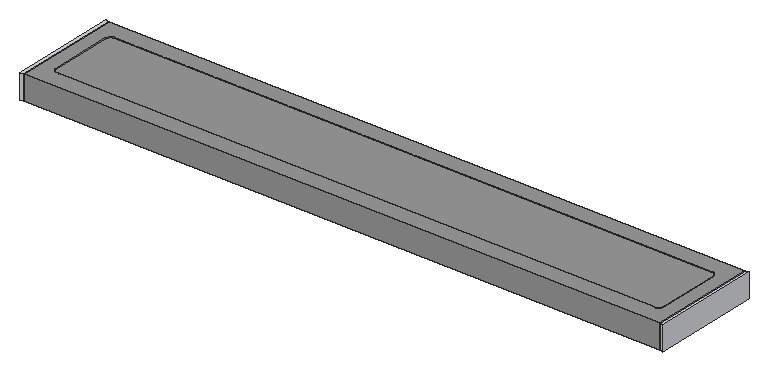
Revit family "0044072 Sylvania Lighting Fixture OPTIX S 1200 MPO DI HO 4000K EM WHITE", category Lighting Fixtures, host Face, Revit 2016
Family settings
  Host = Face
  Part Type = Normal
  Round Connector Dimension = Use Diameter
  OmniClass Number = 23.80.70.00
  OmniClass Title = Lighting
  Cut with Voids When Loaded = No
  Light Source = Yes
  Shared = No
  Room Calculation Point = No
Parameters (values of type "0044072 OPTIX S 1200 MPO D/I HO 4K EM WHITE")
  spacer height = 5 mm
  spacer centres = 1000 mm
  lens width = 1135 mm
  full length = 1200 mm
  Width = 200 mm
  Weight = "n/a"
  Wattage Comments = ""
  Wattage = 9.2903 W
  WarrantyStartDate [instance] = "n/a"
  WarrantyGuarantorParts = "n/a"
  WarrantyDurationUnit = "n/a"
  WarrantyDurationParts = ""
  WarrantyDescription = "http://www.sylvania-lighting.com"
  built-in parameter 1150110 = 1 (stored number, unit not read)
  Voltage = 0 V
  URL = "0.95"
  TypeName = "OPTIX S 1200 MPO D/I HO 4000K EM WHITE"
  Type Image = <None>
  Type Comments = "n/a"
  built-in parameter 1114217 = 1 (stored number, unit not read)
  Tilt Angle = 90.00°
  built-in parameter 1150109 = 1 (stored number, unit not read)
  built-in parameter 1150134 = 3
  built-in parameter 1150113 = 1 (stored number, unit not read)
  SerialNumber [instance] = "n/a"
  Photometric Web File = "0044072.ies"
  Material_3_FEILO = none
  PowerFactor = 0
  PowerConsumption = "Lighting"
  NominalLength = 200 mm
  NominalHeight = 0 mm
  NominalDepth = 0 mm
  Name = "OPTIX S 1200 MPO D/I HO 4000K EM WHITE"
  ModelReference = Name  # "OPTIX S 1200 MPO D/I HO 4000K EM WHITE"
  ModelNumber = "0044072"
  Model = Name  # "OPTIX S 1200 MPO D/I HO 4000K EM WHITE"
  Material = "Feilo Sylvania"
  ManufacturerName = "122 lm/W"
  Manufacturer = ""
  LuminousEfficacy = ""
  built-in parameter 1150105 = 109.82 (stored number, unit not read)
  Lumens = 1380 lm
  LuminaireType = "0"
  built-in parameter 1150115 = 1 (stored number, unit not read)
  LightOutputRatio = "LED"
  built-in parameter 1150137 = (empty or 0)
  built-in parameter 1150139 = (empty or 0)
  Lens Width = 135 mm
  Length = 1188 mm
  LampsType = Lamp  # "n/a"
  LampNominalLuminous = "4000 K"
  LampMacAdamStep = "80"
  LampColourTemperature = "LED"
  LampColourRenderingIndex = "16500"
  built-in parameter 1150112 = 1 (stored number, unit not read)
  built-in parameter 1150114 = 1 (stored number, unit not read)
  Lamp = "n/a"
  Keynote = "n/a"
  InstallationDate [instance] = "n/a"
  InputVoltage = "0"
  InputNominalFrequency = "4000"
  built-in parameter 1150132 = (empty or 0)
  built-in parameter 1150102 = (empty or 0)
  built-in parameter 1150107 = 3200 (stored number, unit not read)
  built-in parameter 1150138 = (empty or 0)
  IngressProtection = "IfcLightFixtureType"
  ImpactProtectionIndex = "IfcLightFixtureType"
  built-in parameter 1150106 = 1.0982 (stored number, unit not read)
  IfcExportType = "IfcLightFixtureType"
  IfcExportAs = "Class I"
  Height = 50 mm
  ExpectedLife = 50000
  Emit from Circle Diameter = 609.6 mm
  Emit Shape Visible in Rendering = no
  ElectricShockClassification = "122"
  built-in parameter 1150104 = 13.8 (stored number, unit not read)
  DurationUnit = "hours"
  DocumentationLiterature = "http://www.sylvania-lighting.com/product/en-int/products/0044072"
  DimmingControlOptions = "n/a"
  Material_2_FEILO = none
  Dimming Lamp Color Temperature Shift = <None>
  Description = "OPTIX S 1200 MPO D/I HO 4K EM WHITE is a high efficacy low glare surface or suspended LED Linear luminaire with Micro Prismatic Optic, with direct/indirect light distribution, luminaire dimensions: 1200x200x50mm, Sylvania White body colour (RAL9016), IP20, IK07, Constant current driver, 3hr maintained emergency version, low LED flicker (+/-5%), Neutral White (4000K) LED Colour Temperature, 5770lm luminous flux, 47W power consumption, 122lm/W system efficacy, CRI>80, SDCM 3 (3-step MacAdam ellipse) LED Colour Consistency, UGR<18, Luminance at 65° < 3000 cd/m2, lumen maintenance: L90B50 at 60000h, photobiological safety risk group 1. Electrical protection Class I."
  Default Elevation = 1219.2 mm
  CreatedOn = "20/10/2020"
  CreatedBy = "@sylvania-lighting.com"
  Cost = 0
  Color Filter = 16777215
  built-in parameter 1114216 [instance] = (empty or 0)
  ClassificationValue = "EF_70_80"
  ClassificationName = "Uniclass2015"
  Material_1_FEILO = none
  BarCode [instance] = "n/a"
  built-in parameter 1114218 = 1 (stored number, unit not read)
  built-in parameter 1150133 = 10 (stored number, unit not read)
  AssetType = "Fixed"
  AssetIdentifier [instance] = "n/a"
  Assembly Code = "D5020200"
  Apparent Load = 47 VA
  Material_4_FEILO = none
Reference planes
  plane 1 "Center (Front/Back)": y = 0
  plane 2: z = 0
  plane 3 "Center (Left/Right)": x = 0
  plane 4: z = 0
  plane 5: z = 50
  plane 6: y = 100
  plane 7: y = -100
  plane 8: x = -594
  plane 9: x = 594
  plane 10: z = 5
  plane 11: x = -500
  plane 12: x = 500
  plane 13: y = 10
  plane 14: y = -10
  plane 15: x = 487.5
  plane 16: x = 512.5
  plane 17: x = -512.5
  plane 18: x = -487.5
  plane 19: x = -567.5
  plane 20: x = 567.5
  plane 21: y = 67.5
  plane 22: y = -67.5
  plane 23: x = -557.5
  plane 24: y = 57.5
  plane 25: y = -57.5
  plane 26: x = 557.5
  plane 27: x = -600
  plane 28: x = 600
Forms (mm)
  Extrusion 1, solid, material "Aluminum 1100-H18", detail levels medium+fine
    sketch origin (4.2, 0, 0) x (1, 0, 0) y (0, 1, 0)
      loop
        line (-598.2, 100) -> (-598.2, -100) -> (589.8, -100) -> (589.8, 100) -> (-598.2, 100)
    from 5 to 50
  Extrusion 2, solid
    sketch origin (4.2, 0, 0) x (1, 0, 0) y (0, 1, 0)
      loop
        line (483.3, 10) -> (483.3, -10) -> (508.3, -10) -> (508.3, 10) -> (483.3, 10)
    from 0 to 5
  Extrusion 3, solid
    sketch origin (4.2, 0, 0) x (1, 0, 0) y (0, 1, 0)
      loop
        line (-516.7, 10) -> (-516.7, -10) -> (-491.7, -10) -> (-491.7, 10) -> (-516.7, 10)
    from 0 to 5
  Extrusion 4, void, detail levels fine
    sketch origin (4.2, 0, 0) x (0, 1, 0) y (1, 0, 0)
      loop
        line (67.5, -561.7) -> (67.5, 553.3)
        arc (67.5, 553.3) -> (64.571, 560.371) -> (57.5, 563.3) r 10
        line (57.5, 563.3) -> (-57.5, 563.3)
        arc (-57.5, 563.3) -> (-64.571, 560.371) -> (-67.5, 553.3) r 10
        line (-67.5, 553.3) -> (-67.5, -561.7)
        arc (-67.5, -561.7) -> (-64.571, -568.771) -> (-57.5, -571.7) r 10
        line (-57.5, -571.7) -> (57.5, -571.7)
        arc (57.5, -571.7) -> (64.571, -568.771) -> (67.5, -561.7) r 10
    from -50 to -48
  Extrusion 5, solid, detail levels medium+fine
    sketch origin (4.2, 0, 0) x (1, 0, 0) y (0, 1, 0)
      loop
        line (-604.2, 100) -> (-604.2, -100) -> (-598.2, -100) -> (-598.2, 100) -> (-604.2, 100)
    from 5 to 50
  Extrusion 6, solid, detail levels medium+fine
    sketch origin (4.2, 0, 0) x (1, 0, 0) y (0, 1, 0)
      loop
        line (589.8, 100) -> (589.8, -100) -> (595.8, -100) -> (595.8, 100) -> (589.8, 100)
    from 5 to 50
  Extrusion 7, solid, material "Glass, White, High Luminance", detail levels fine
    sketch origin (4.2, 0, 0) x (1, 0, 0) y (0, 1, 0)
      loop
        arc (-561.7, 67.5) -> (-568.771, 64.571) -> (-571.7, 57.5) r 10
        line (-571.7, 57.5) -> (-571.7, -57.5)
        arc (-571.7, -57.5) -> (-568.771, -64.571) -> (-561.7, -67.5) r 10
        line (-561.7, -67.5) -> (553.3, -67.5)
        arc (553.3, -67.5) -> (560.371, -64.571) -> (563.3, -57.5) r 10
        line (563.3, -57.5) -> (563.3, 57.5)
        arc (563.3, 57.5) -> (560.371, 64.571) -> (553.3, 67.5) r 10
        line (553.3, 67.5) -> (-561.7, 67.5)
    from 48 to 49.5
  Extrusion 8, solid, detail levels coarse
    sketch origin (4.2, 0, 0) x (1, 0, 0) y (0, 1, 0)
      loop
        line (-604.2, 100) -> (-604.2, -100) -> (595.8, -100) -> (595.8, 100) -> (-604.2, 100)
    from 0 to 50
Cuts and joins
  Extrusion 4 cuts Extrusion 2
  Extrusion 4 cuts Extrusion 3
  Extrusion 4 cuts Extrusion 1
Dimensions and locks
  "Width": plane 6 to plane 7
  equal spacing: plane 6, plane 1 "Center (Front/Back)", plane 7
  "Length": plane 8 to plane 9
  equal spacing: plane 8, plane 3 "Center (Left/Right)", plane 9
  "spacer height": plane 10 to host face
  "Height": plane 5 to level
  "spacer centres": plane 11 to plane 12
  equal spacing: plane 11, plane 3 "Center (Left/Right)", plane 12
  "lens width": plane 19 to plane 20
  equal spacing: plane 19, plane 3 "Center (Left/Right)", plane 20
  "Lens Width": plane 21 to plane 22
  equal spacing: plane 21, plane 1 "Center (Front/Back)", plane 22
  "full length": plane 27 to plane 28
  equal spacing: plane 27, plane 3 "Center (Left/Right)", plane 28
  aligned and locked: plane 2 to host face
  aligned and locked: level to host face
Automatic sketch dimensions
  host sketch curve to host sketch curve = 2438.4 mm  (x2)
  Extrusion 1 sketch curve to plane 7 = 0 mm
  Extrusion 1 sketch curve to plane 8 = 0 mm
  Extrusion 1 sketch curve to plane 9 = 0 mm
  Extrusion 1 sketch curve to plane 6 = 0 mm
  Extrusion 2 sketch curve to plane 14 = 0 mm
  Extrusion 2 sketch curve to plane 15 = 0 mm
  Extrusion 2 sketch curve to plane 16 = 0 mm
  Extrusion 2 sketch curve to plane 13 = 0 mm
  Extrusion 3 sketch curve to plane 14 = 0 mm
  Extrusion 3 sketch curve to plane 17 = 0 mm
  Extrusion 3 sketch curve to plane 18 = 0 mm
  Extrusion 3 sketch curve to plane 13 = 0 mm
  Extrusion 4 sketch curve to plane 22 = 0 mm
  Extrusion 4 sketch curve to plane 19 = 0 mm
  Extrusion 4 sketch curve to plane 25 = 0 mm  (x2)
  Extrusion 4 sketch curve to plane 20 = 0 mm
  Extrusion 4 sketch curve to plane 24 = 0 mm  (x2)
  Extrusion 4 sketch curve to plane 23 = 0 mm
  Extrusion 5 sketch curve to plane 7 = 0 mm
  Extrusion 5 sketch curve to plane 27 = 0 mm
  Extrusion 5 sketch curve to plane 8 = 0 mm
  Extrusion 5 sketch curve to plane 6 = 0 mm
  Extrusion 6 sketch curve to plane 7 = 0 mm
  Extrusion 6 sketch curve to plane 9 = 0 mm
  Extrusion 6 sketch curve to plane 28 = 0 mm
  Extrusion 6 sketch curve to plane 6 = 0 mm
  Extrusion 7 sketch curve to plane 23 = 0 mm  (x2)
  Extrusion 7 sketch curve to plane 21 = 0 mm
  Extrusion 7 sketch curve to plane 22 = 0 mm
  Extrusion 7 sketch curve to plane 26 = 0 mm  (x2)
  Extrusion 7 sketch curve to plane 20 = 0 mm
  Extrusion 7 sketch curve to plane 24 = 0 mm
  Extrusion 8 sketch curve to plane 7 = 0 mm
  Extrusion 8 sketch curve to plane 27 = 0 mm
  Extrusion 8 sketch curve to plane 28 = 0 mm
  Extrusion 8 sketch curve to plane 6 = 0 mm
Connectors
  electrical at (0, 0, 0), driven by "Apparent Load", driven by "PowerFactor", driven by "Voltage"
    settings: index 1, voltage 0 V, apparent load 47 VA, apparent load phase1 0 VA, apparent load phase2 0 VA, apparent load phase3 0 VA, power factor 0, load classification "Lighting", number of poles 1, system type 30, power factor state 1, is connector primary yes, connector utility no, sub classification motor no, connector description ""
